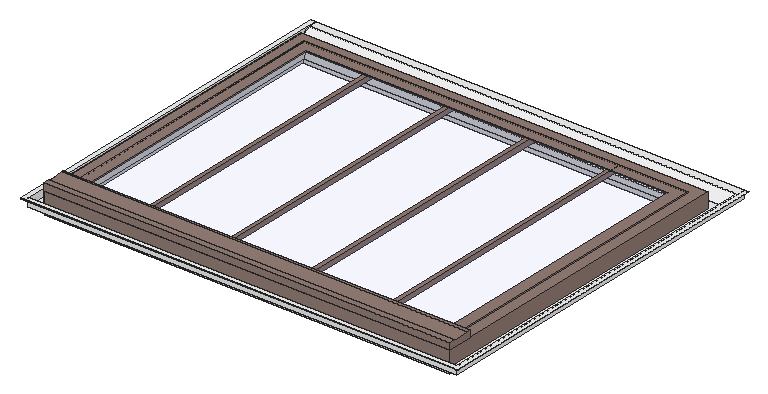
Revit family
Parameters (values of type "2500mm Long with 4 Bars")
  Vis - Vert Bar = yes
  Vis - Ironmongery = yes
  Vert Bar Thickness = 25.00 mm
  Upstand = 50.00 mm
  Rough Width = Width  # 2500.00 mm
  Rough Height = Height  # 1980.00 mm
  Operation = "SinglePanel"
  No of Vert Bars = 4
  Material Sash = Window Frame
  Material Ironmongery = Metal - Aluminium
  Material Flashing = Metal - Lead
  Material Glass = Glass
  Keynote = "L10/460"
  Height = 1980.00 mm
  Type Comments = ""
  Width = 2500.00 mm
  Material Frame = Metal - Bronze, Light Brush
  Assembly Code = ""
Types (2, lengths in mm): name | Rough Width | No of Vert Bars | Width
  2500mm Long with 4 Bars | 2500.00 | 4 | 2500.00
  3500mm Long with 6 Bars | 3500.00 | 6 | 3500.00
Reference planes
  plane 1 "Roof": z = 3657.6
  plane 2 "Top": y = -1077.596
  plane 3 "Bottom": y = 902.404
  plane 4 "Face": z = 3907.6
  plane 5 "Center (Front/Back)": y = -87.596
  plane 6: x = 1763.913
  plane 7: x = -736.087
  plane 8 "Center Right/Left": x = 513.913
  plane 9: x = 1838.913
  plane 10: y = 977.404
  plane 11: x = -811.087
  plane 12: z = 3862.6
  plane 13: y = -1117.596
Forms (mm)
  Extrusion 1, void
    sketch origin (0, 0, 3657.6) x (1, 0, 0) y (0, 1, 0)
      loop
        line (1763.913, -1077.596) -> (1763.913, 902.404) -> (-736.087, 902.404) -> (-736.087, -1077.596) -> (1763.913, -1077.596)
    from 0 to 250
  Blend 2, void
    base sketch origin (0, 0, 3907.6) x (-1, 0, 0) y (0, -1, 0)
      loop
        line (-1838.913, 1117.596) -> (-1838.913, -977.404) -> (811.087, -977.404) -> (811.087, 1117.596) -> (-1838.913, 1117.596)
    top sketch origin (0, 0, 3907.6) x (-1, 0, 0) y (0, -1, 0)
      loop
        line (-1838.913, 1117.596) -> (-1838.913, -1054.573) -> (811.087, -1054.573) -> (811.087, 1117.596) -> (-1838.913, 1117.596)
    from -45 to 0
  Sweep 3, solid, material "Metal - Bronze, Light Brush" <- "Material Frame"
    path origin (1027.826, -362.092, 3657.6) x (-1, 0, 0) y (0, -1, 0)
      loop
        line (-811.087, 790.504) -> (-811.087, -1338.876) -> (1838.913, -1338.876) -> (1838.913, 790.504) -> (-811.087, 790.504)
    profile origin (1838.913, -87.906, 3657.6) x (-1, 0, 0) y (0, 0, 1)
      loop
        line (72.567, 210) -> (72.567, 300) -> (142.567, 300) -> (142.567, 307.067) -> (207.567, 307.067) -> (207.567, 310.067) -> (139.567, 310.067) -> (139.567, 303) -> (69.567, 303) -> (69.567, 210) -> (72.567, 210)
  Extrusion 4, solid, material "Metal - Lead" <- "Material Flashing"
    sketch origin (1027.826, -362.092, 3907.6) x (0, -1, 0) y (1, 0, 0)
      loop
        line (-1414.496, 811.087) -> (-1414.496, -1838.913) -> (755.504, -1838.913) -> (755.504, 811.087) -> (-1414.496, 811.087)
      loop
        line (-1464.496, 836.087) -> (-1464.496, -1863.913) -> (780.504, -1863.913) -> (780.504, 836.087) -> (-1464.496, 836.087)
    from 0 to 3
  Extrusion 5, solid, material "Metal - Bronze, Light Brush" <- "Material Frame"
    sketch origin (513.913, 0, 0) x (0, -1, 0) y (0, 0, 1)
      loop
        line (1083.029, 3960.6) -> (1083.029, 4000.6) -> (1043.029, 4000.6) -> (1043.029, 3990.6) -> (943.896, 4000.6) -> (928.896, 4000.6) -> (928.896, 3960.6) -> (1083.029, 3960.6)
    from -1255.433 to 1255.433
  Extrusion 6, solid, material "Metal - Lead" <- "Material Flashing"
    sketch origin (513.913, -1877.073, 1219.2) x (0, -1, 0) y (0, 0, 1)
      loop
        line (-2929.477, 2688.4) -> (-2854.477, 2643.4) -> (-2779.477, 2643.4) -> (-2779.477, 2646.4) -> (-2853.646, 2646.4) -> (-2928.646, 2691.4) -> (-2929.477, 2691.4) -> (-2929.477, 2688.4)
      loop
        line (-759.477, 2691.4) -> (-762.341, 2691.4) -> (-762.341, 2646.4) -> (-799.477, 2646.4) -> (-799.477, 2643.4) -> (-759.477, 2643.4) -> (-759.477, 2691.4)
    from -1325 to 1325
  Extrusion 7, solid, material "Metal - Lead" <- "Material Flashing"
    sketch origin (1950.236, 977.404, 4876.8) x (1, 0, 0) y (0, 0, 1)
      loop
        line (-111.324, -966.2) -> (-114.324, -966.2) -> (-114.324, -1011.2) -> (-186.324, -1011.2) -> (-186.324, -1014.2) -> (-111.324, -1014.2) -> (-111.324, -966.2)
      loop
        line (-2761.324, -966.2) -> (-2761.324, -1014.2) -> (-2686.324, -1014.2) -> (-2686.324, -1011.2) -> (-2758.324, -1011.2) -> (-2758.324, -966.2) -> (-2761.324, -966.2)
    from -125 to 2095
Cuts and joins
  joined: Extrusion 4, Extrusion 6, Extrusion 7
Lines and regions (mm)
  sketch lines
    curve 1: line (-1599.76, 1436.904, 0) -> (2640.24, 1436.904, 0)
    curve 2: line (-1599.76, 1436.904, 0) -> (-1599.76, -1611.096, 0)
    curve 3: line (-1599.76, -1611.096, 0) -> (2640.24, -1611.096, 0)
    curve 4: line (2640.24, 1436.904, 0) -> (2640.24, -1611.096, 0)
Dimensions and locks
  curve 2 to curve 4 = 4240.00 mm
  curve 3 to curve 1 = 3048.00 mm
  equal spacing: plane 2 "Top", plane 5 "Center (Front/Back)", plane 3 "Bottom"
  "Height": plane 2 "Top" to plane 3 "Bottom"
  "Width": plane 6 to plane 7
  equal spacing: plane 7, plane 8 "Center Right/Left", plane 6
  locked: plane 9 to plane 6 at 75
  locked: plane 7 to plane 11 at 75
  plane 3 "Bottom" to plane 10 = 75.00 mm
  "Upstand": nested 1 to host roof
  locked: host roof to plane 12 at 45
  plane 13 to plane 2 "Top" = 40.00 mm
  plane 10 to Blend 2 sketch curve = 0.00 mm
  locked: plane 2 "Top" to Sweep 3 sketch curve at 75
  Sweep 3 sketch curve to nested 1 = 7.067 mm
  Sweep 3 sketch curve to plane 12 = 5.00 mm
  locked: plane 10 to Extrusion 4 sketch curve at 75
  locked: Extrusion 4 sketch curve to plane 13 at 25
  locked: Extrusion 4 sketch curve to Extrusion 4 sketch curve at 25  (x2)
  locked: Extrusion 4 sketch curve to Extrusion 4 sketch curve at 50
  Extrusion 6 sketch curve to Extrusion 6 sketch curve = 3.00 mm  (x2)
  cut or joined group of Extrusion 4, Extrusion 6, Extrusion 7 to plane 12 = 3.00 mm
  Extrusion 7 sketch curve to plane 11 = 3.00 mm
  locked: cut or joined group of Extrusion 4, Extrusion 6, Extrusion 7 to Blend 2 sketch curve at 3
  aligned and locked: level to plane 1 "Roof"
  aligned and locked: plane 4 "Face" to host roof
  aligned and locked: host roof to Extrusion 1
  aligned and locked: Extrusion 1 to plane 1 "Roof"
  aligned and locked: Sweep 3 sketch curve to plane 11
  aligned and locked: Sweep 3 sketch curve to nested 1
  aligned and locked: Extrusion 4 sketch curve to plane 9
  aligned and locked: Extrusion 4 sketch curve to plane 11
  aligned and locked: Extrusion 4 sketch curve to plane 13
  aligned and locked: Extrusion 5 sketch curve to Sweep 3
  aligned and locked: Extrusion 4 to Extrusion 6 sketch curve
  aligned and locked: plane 9 to Extrusion 6
  aligned and locked: plane 11 to Extrusion 6
  aligned and locked: nested 1 to Extrusion 7 sketch curve
  aligned and locked: Extrusion 7 sketch curve to cut or joined group of Extrusion 4, Extrusion 6, Extrusion 7  (x2)
  aligned and locked: Extrusion 6 sketch curve to cut or joined group of Extrusion 4, Extrusion 6, Extrusion 7
  aligned and locked: cut or joined group of Extrusion 4, Extrusion 6, Extrusion 7 to Extrusion 7 sketch curve
  aligned and locked: Extrusion 7 sketch curve to plane 9
  aligned and locked: plane 6 to Extrusion 7 sketch curve
  aligned and locked: Extrusion 7 sketch curve to plane 12
  aligned and locked: plane 11 to Extrusion 7 sketch curve
  aligned and locked: nested 1 to plane 8 "Center Right/Left"
  aligned and locked: nested 1 to plane 2 "Top"
  aligned and locked: plane 13 to cut or joined group of Extrusion 4, Extrusion 6, Extrusion 7
  aligned and locked: Extrusion 5 to Sweep 3  (x2)
  aligned and locked: Blend 2 to host roof
  aligned and locked: Blend 2 to plane 12
  aligned and locked: Blend 2 sketch curve to plane 10
Automatic sketch dimensions
  curve 2 to curve 3 = 4240.00 mm
  curve 2 to curve 2 = 3048.00 mm
  Extrusion 1 sketch curve to plane 2 "Top" = 0.00 mm
  Extrusion 1 sketch curve to plane 7 = 0.00 mm
  Extrusion 1 sketch curve to plane 3 "Bottom" = 0.00 mm
  Extrusion 1 sketch curve to plane 6 = 0.00 mm
  Blend 2 sketch curve to plane 9 = 0.00 mm  (x2)
  Blend 2 sketch curve to plane 11 = 0.00 mm  (x2)
  Blend 2 sketch curve to plane 13 = 0.00 mm  (x2)
  Sweep 3 sketch curve to plane 9 = 0.00 mm
  plane 10 to Sweep 3 sketch curve = 0.62 mm
  Sweep 3 sketch curve to profile plane = 69.567 mm
  Sweep 3 sketch curve to Sweep 3 sketch curve = 3.00 mm  (x4)
  Sweep 3 sketch curve to Sweep 3 sketch curve = 67.00 mm
  Sweep 3 sketch curve to Sweep 3 sketch curve = 65.00 mm
  plane 2 "Top" to Extrusion 5 sketch curve = 148.699 mm
  Extrusion 5 sketch curve to Extrusion 5 sketch curve = 15.00 mm
  plane 2 "Top" to Extrusion 5 sketch curve = 34.567 mm
  Extrusion 5 sketch curve to plane 2 "Top" = 5.433 mm
  Extrusion 5 sketch curve to Extrusion 5 sketch curve = 30.00 mm
  Extrusion 5 sketch curve to Extrusion 5 sketch curve = 10.00 mm
  Extrusion 5 sketch curve to Extrusion 5 sketch curve = 40.00 mm
  Extrusion 6 sketch curve to plane 4 "Face" = 0.00 mm
  Extrusion 6 sketch curve to plane 10 = 0.00 mm
  Extrusion 6 sketch curve to plane 3 "Bottom" = 0.00 mm
  Extrusion 6 sketch curve to plane 2 "Top" = 0.00 mm
  Extrusion 6 sketch curve to plane 13 = 0.00 mm
  Extrusion 6 sketch curve to plane 12 = 0.00 mm  (x2)
  Extrusion 6 sketch curve to plane 10 = 74.169 mm
  Extrusion 6 sketch curve to Extrusion 6 sketch curve = 2.864 mm
  plane 12 to Extrusion 6 sketch curve = 3.00 mm
  plane 9 to Extrusion 7 sketch curve = 3.00 mm
  plane 12 to Extrusion 7 sketch curve = 3.00 mm
  Extrusion 7 sketch curve to Extrusion 7 sketch curve = 3.00 mm
Nested families
  nested 1: "Roof Light w Arrayed Bars" at (484.212, -1077.596, 3917.6) x (-1, 0, 0) z (0, 0, 1), type "UK_Roof Light w Arrayed Bars"
    with Width 2500.00 mm, Vert Bar Spacing 500.00 mm, No of Vert Bars 4, No of Spaces 5
Definition of nested family "Roof Light w Arrayed Bars"
  Parameters
    Width = 1395.00 mm
    Vis - Vert Bar = yes
    Vis - Ironmongery = yes
    Vertical Bar Width = 25.00 mm
    Vert Bar Spacing = Width / No of Spaces  # 465.00 mm
    Vert Bar Length = Height - 134.00 mm - 77.00 mm  # 1769.00 mm
    No of Vert Bars = 2
    No of Spaces = No of Vert Bars + 1  # 3
    Material Vert Bar = Window Frame
    Material Ironmongery = Metal - Aluminium
    Material Glass = Glass
    Material Frame = Window Frame
    Height = 1980.00 mm
  Reference planes
    plane 1 "Center (Front/Back)": y = 0
    plane 2: z = 0
    plane 3 "Center (Left/Right)": x = -29.7
    plane 4: x = -727.2
    plane 5: x = 667.8
    plane 6: y = -1980
    plane 7: x = -577.2
    plane 8: x = 517.8
    plane 9: x = -262.2
    plane 10: x = 202.8
  Forms (mm)
    Sweep 1, solid, material "Window Frame" <- "Material Frame"
      path origin (0, 0, 0) x (1, 0, 0) y (0, 1, 0)
        loop
          line (-727.2, 0) -> (-727.2, -1980) -> (667.8, -1980) -> (667.8, 0)
      profile origin (-29.7, -1980, 0) x (0, 1, 0) y (0, 0, 1)
        loop
          line (0, 30) -> (0, -95) -> (35, -95) -> (47.941, -46.704) -> (47.941, -6.704) -> (32.941, -6.704) -> (32.941, 30) -> (0, 30)
    Sweep 2, solid, material "Window Frame"
      path origin (0, 0, 0) x (1, 0, 0) y (0, 1, 0)
        loop
          line (-727.2, -89.14) -> (-727.2, -1980) -> (667.8, -1980) -> (667.8, -89.14)
      profile origin (-29.7, -1980, 0) x (0, 1, 0) y (0, 0, 1)
        loop
          line (36.941, 30) -> (36.941, -2.704) -> (51.941, -2.704) -> (51.941, -35) -> (84.314, -35) -> (96.78, 15) -> (76.941, 15) -> (76.941, 30) -> (36.941, 30)
    Extrusion 3, solid, material "Window Frame" <- "Material Frame"
      sketch origin (-29.7, 0, 0) x (0, 1, 0) y (0, 0, 1)
        loop
          line (0, 40) -> (-35, 40) -> (-35, 30) -> (-65, 30) -> (-65, -6.704) -> (-35, -6.704) -> (-35, -95) -> (0, -95) -> (0, 40)
      from -697.5 to 697.5
    Extrusion 4, solid, material "Window Frame"
      sketch origin (-29.7, 0, 0) x (0, 1, 0) y (0, 0, 1)
        loop
          line (-136.512, -35) -> (-124.14, -35) -> (-124.14, -40) -> (-132.619, -40) -> (-132.619, -50) -> (-73.129, -50)
          arc (-73.129, -50) -> (-60.45, -47.189) -> (-50.148, -39.284) r 30
          line (-50.148, -39.284) -> (-46.553, -35) -> (-39, -35) -> (-39, -10.704) -> (-65, -10.704) -> (-65, -35) -> (-89.14, -35) -> (-89.14, 30) -> (-133.979, 30) -> (-133.979, 15) -> (-148.979, 15) -> (-136.512, -35)
      from -660.559 to 660.559
    Extrusion 5, solid, material "Glass" <- "Material Glass"
      sketch origin (0, -2066.613, 50) x (0, -1, 0) y (1, 0, 0)
        loop
          line (-163.554, -650.259) -> (-163.554, 590.859) -> (-1932.634, 590.859) -> (-1932.634, -650.259) -> (-163.554, -650.259)
      from -35 to -11
    Extrusion 6, solid, material "Metal - Aluminium" <- "Material Ironmongery", visible <- "Vis - Ironmongery"
      sketch origin (-577.2, 143.618, 1200) x (0, 1, 0) y (0, 0, 1)
        loop
          line (-227.758, -1250) -> (-257.758, -1250) -> (-257.758, -1270) -> (-227.758, -1278.038) -> (-227.758, -1250)
      from 2 to -2
    Extrusion 7, solid, material "Metal - Aluminium" <- "Material Ironmongery", visible <- "Vis - Ironmongery"
      sketch origin (517.8, 182.43, 1200) x (0, 1, 0) y (0, 0, 1)
        loop
          line (-266.57, -1250) -> (-296.57, -1250) -> (-296.57, -1270) -> (-266.57, -1278.038) -> (-266.57, -1250)
      from 2 to -2
    Extrusion 8, solid, material "Metal - Aluminium" <- "Material Ironmongery", visible <- "Vis - Ironmongery"
      sketch origin (-29.7, 0, 0) x (0, 1, 0) y (0, 0, 1)
        loop
          line (-122.14, -67.856) -> (-122.14, -71.998) -> (-76.14, -84.323) -> (-76.14, -80.182) -> (-122.14, -67.856)
      from 600.72 to -600.72
  Cuts and joins
    joined: Sweep 1, Extrusion 3
    joined: Sweep 2, Extrusion 4
  Dimensions and locks
    equal spacing: plane 4, plane 3 "Center (Left/Right)", plane 5
    "Width": plane 4 to plane 5
    "Height": plane 6 to plane 1 "Center (Front/Back)"
    Sweep 1 sketch curve to Sweep 1 sketch curve to Sweep 1 sketch curve to Sweep 1 sketch curve = 36.704 mm locked, 40.00 mm locked, 48.296 mm locked
    plane 6 to Sweep 1 sketch curve to Sweep 1 sketch curve to Sweep 1 sketch curve = 32.941 mm locked, 2.059 mm locked, 12.941 mm locked
    Extrusion 3 sketch curve to Extrusion 3 sketch curve to Extrusion 3 sketch curve = 10.00 mm locked, 36.704 mm locked
    locked: Extrusion 4 sketch curve to Extrusion 4 sketch curve at 80
    locked: plane 4 to plane 7 at 150
    locked: plane 8 to plane 5 at 150
    locked: Extrusion 8 sketch curve to Extrusion 8 sketch curve at 4
    locked: Extrusion 4 sketch curve to Extrusion 4 sketch curve at 44.839
    locked: Extrusion 4 sketch curve to plane 1 "Center (Front/Back)" at 89.14
    "Vert Bar Spacing": plane 4 to plane 9
    "Vert Bar Spacing": plane 10 to plane 5
    locked: nested 1 to Extrusion 5 at 4
    group 1 to group 2 = 465.00 mm
    group 1 to group 2 = 0.00 mm  (x2)
    locked: nested 2 to Extrusion 5 at 4
    aligned and locked: plane 5 to Extrusion 3
    aligned and locked: Extrusion 3 to plane 4
    aligned and locked: cut or joined group of Sweep 1, Extrusion 3 to Extrusion 4 sketch curve
    aligned and locked: Extrusion 4 to Sweep 2 sketch curve
    aligned and locked: Sweep 2 sketch curve to Extrusion 4
    aligned and locked: cut or joined group of Sweep 2, Extrusion 4 to Extrusion 4 sketch curve
    aligned and locked: cut or joined group of Sweep 1, Extrusion 3 to cut or joined group of Sweep 2, Extrusion 4
    aligned and locked: Extrusion 4 to Sweep 2
    aligned and locked: Sweep 2 to Extrusion 4
    aligned and locked: Extrusion 7 sketch curve to cut or joined group of Sweep 2, Extrusion 4
    aligned and locked: Extrusion 7 sketch curve to Extrusion 6  (x3)
    aligned and locked: Extrusion 8 sketch curve to Extrusion 7
    aligned and locked: Extrusion 8 to cut or joined group of Sweep 2, Extrusion 4
    aligned and locked: cut or joined group of Sweep 2, Extrusion 4 to Extrusion 8
    aligned and locked: nested 1 to plane 9
    aligned and locked: nested 1 to cut or joined group of Sweep 2, Extrusion 4
    aligned and locked: nested 2 to plane 10
    aligned and locked: nested 2 to cut or joined group of Sweep 2, Extrusion 4
  Automatic sketch dimensions
    Sweep 1 sketch curve to plane 4 = 0.00 mm
    Sweep 1 sketch curve to plane 5 = 0.00 mm
    Sweep 1 sketch curve to plane 6 = 0.00 mm
    Sweep 1 sketch curve to plane 1 "Center (Front/Back)" = 0.00 mm  (x2)
    Sweep 1 sketch curve to profile plane = 0.00 mm
    Extrusion 3 sketch curve to plane 1 "Center (Front/Back)" = 0.00 mm
    Extrusion 3 sketch curve to Extrusion 3 sketch curve = 30.00 mm
    Sweep 2 sketch curve to plane 4 = 0.00 mm
    Sweep 2 sketch curve to plane 5 = 0.00 mm
    Sweep 2 sketch curve to plane 6 = 0.00 mm
    Sweep 2 sketch curve to level = 2.704 mm
    Sweep 2 sketch curve to profile plane = 36.941 mm
    Sweep 2 sketch curve to Sweep 2 sketch curve = 15.00 mm  (x2)
    level to Sweep 2 sketch curve = 15.00 mm
    Sweep 2 sketch curve to Sweep 2 sketch curve = 25.00 mm
    Sweep 2 sketch curve to Sweep 2 sketch curve = 32.373 mm
    Sweep 2 sketch curve to Sweep 2 sketch curve = 19.839 mm
    Sweep 2 sketch curve to level = 35.00 mm
    plane 1 "Center (Front/Back)" to Extrusion 5 sketch curve = 133.979 mm
    plane 6 to Extrusion 5 sketch curve = 76.941 mm
    plane 4 to Extrusion 5 sketch curve = 76.941 mm
    Extrusion 5 sketch curve to plane 5 = 76.941 mm
    plane 1 "Center (Front/Back)" to Extrusion 3 sketch curve = 35.00 mm  (x2)
    Extrusion 3 sketch curve to level = 95.00 mm
    Extrusion 3 sketch curve to level = 6.704 mm
    Extrusion 6 sketch curve to level = 50.00 mm
    plane 1 "Center (Front/Back)" to Extrusion 6 sketch curve = 114.14 mm
    Extrusion 6 sketch curve to Extrusion 6 sketch curve = 30.00 mm
    Extrusion 6 sketch curve to Extrusion 6 sketch curve = 20.00 mm
    Extrusion 6 sketch curve to Extrusion 6 sketch curve = 28.038 mm
    Extrusion 8 sketch curve to level = 67.856 mm
    Extrusion 8 sketch curve to Extrusion 8 sketch curve = 46.00 mm
    Extrusion 4 sketch curve to Extrusion 4 sketch curve = 8.129 mm
    Extrusion 4 sketch curve to Extrusion 4 sketch curve = 35.00 mm
    Extrusion 4 sketch curve to Extrusion 4 sketch curve = 8.479 mm
    Extrusion 4 sketch curve to level = 35.00 mm  (x2)
    Extrusion 4 sketch curve to Extrusion 4 sketch curve = 3.894 mm
    Extrusion 4 sketch curve to Extrusion 4 sketch curve = 15.00 mm
    Extrusion 4 sketch curve to Extrusion 4 sketch curve = 14.852 mm
    Extrusion 4 sketch curve to Extrusion 4 sketch curve = 3.594 mm
    Extrusion 4 sketch curve to Extrusion 4 sketch curve = 7.553 mm
    Extrusion 4 sketch curve to Extrusion 4 sketch curve = 4.284 mm  (x2)
    Extrusion 4 sketch curve to Extrusion 4 sketch curve = 5.00 mm
    Extrusion 4 sketch curve to Extrusion 4 sketch curve = 10.716 mm
    Extrusion 4 sketch curve to level = 10.704 mm
    level to Extrusion 4 sketch curve = 15.00 mm
  Nested families
    nested 1: "RoofLight Vert Bar" at (-263.74, -133.979, 39), visible <- "Vis - Vert Bar", type "RoofLight Vert Bar"
      with Vert Bar Length 1769.00 mm
    nested 2: "RoofLight Vert Bar" at (201.26, -133.979, 39), visible <- "Vis - Vert Bar", type "RoofLight Vert Bar"
      with Vert Bar Length 1769.00 mm
  Definition of nested family "RoofLight Vert Bar"
    Parameters
      Vert Bar Thickness = 25.00 mm
      Vert Bar Length = 1000.00 mm
      Vert Bar Depth = 28.00 mm
      Material Vert Bar = Glazing Bar
    Reference planes
      plane 1 "Center (Front/Back)": y = 0
      plane 2: z = 0
      plane 3 "Center (Left/Right)": x = 1.54
      plane 4: x = -10.96
      plane 5: x = 14.04
      plane 6: y = -1000
      plane 7: z = 4
      plane 8: z = -24
    Forms (mm)
      Extrusion 1, solid, material "Glazing Bar" <- "Material Vert Bar"
        sketch origin (-494.086, -1000, 1200) x (-1, 0, 0) y (0, 0, 1)
          loop
            line (-483.125, -1224) -> (-483.125, -1196) -> (-508.125, -1196) -> (-508.125, -1224) -> (-483.125, -1224)
        from 0 to 1000
    Dimensions and locks
      equal spacing: plane 4, plane 3 "Center (Left/Right)", plane 5
      "Vert Bar Thickness": plane 4 to plane 5
      "Vert Bar Length": plane 6 to plane 1 "Center (Front/Back)"
      plane 7 to level = 4.00 mm
      "Vert Bar Depth": plane 7 to plane 8
      aligned and locked: Extrusion 1 to plane 1 "Center (Front/Back)"
      aligned and locked: Extrusion 1 to plane 6
    Automatic sketch dimensions
      Extrusion 1 sketch curve to plane 5 = 0.00 mm
      Extrusion 1 sketch curve to plane 4 = 0.00 mm
      Extrusion 1 sketch curve to plane 8 = 0.00 mm
      Extrusion 1 sketch curve to plane 7 = 0.00 mm
